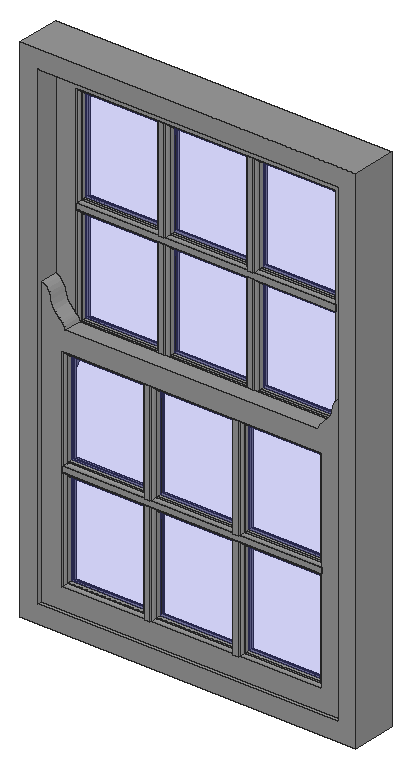
Revit family "HMS1SP", category Windows, host Wall, Revit 2015
Parameters (values of type "HMS1SP")
  Height = 1225 mm
  Default Lintel Height = 2100 mm
  Wall Closure = By host
  Width = 800 mm
Reference planes
  plane 1 "Center (Front/Back)": y = 0
  plane 2 "Center (Left/Right)": x = 0
  plane 3 "Left": x = -400
  plane 4 "Right": x = 400
  plane 5 "Sill": z = 875
  plane 6 "Head": z = 2100
  plane 7 "Exterior": y = 100
  plane 8 "Interior": y = -100
  plane 9: y = -28.5
  plane 10: y = 23.5
  plane 11: z = 1487.5
  plane 12: z = 1516
  plane 13: z = 1459
  plane 14: z = 1216.5
Forms (mm)
  Sweep 1, solid, material "Lauan, Meranti"
    path origin (-10500, 23.5, 2100) x (0, 0, -1) y (-1, 0, 0)
      loop
        line (0, -10900) -> (1225, -10900) -> (1225, -10100) -> (0, -10100) -> (0, -10900)
    profile origin (0, 23.5, 2100) x (0, 0, 1) y (0, 1, 0)
      loop
        line (0, 29) -> (-42, 29) -> (-42, -76) -> (0, -76) -> (0, 29)
  Extrusion 2, solid, material "Lauan, Meranti"
    sketch origin (-10500, 0, 1950) x (0, 0, -1) y (-1, 0, 0)
      loop
        line (491, -10801) -> (491, -10858) -> (576, -10858)
        spline (576, -10858) -> (568.022, -10845.331) -> (558.494, -10838.581) -> (548.752, -10835.386) -> (540.116, -10833.399) -> (533.202, -10831.197) -> (527.644, -10828.636) -> (523.005, -10825.669) -> (518.783, -10822.149) -> (514.297, -10817.644) -> (508.83, -10811.691) -> (501.472, -10805.147) -> (491, -10801)
      loop
        spline (491, -10199) -> (501.472, -10194.853) -> (508.83, -10188.309) -> (514.297, -10182.356) -> (518.783, -10177.851) -> (523.005, -10174.331) -> (527.644, -10171.364) -> (533.202, -10168.803) -> (540.116, -10166.601) -> (548.752, -10164.614) -> (558.494, -10161.419) -> (568.022, -10154.669) -> (576, -10142)
        line (576, -10142) -> (491, -10142) -> (491, -10199)
    from 0 to 42
  Extrusion 3, solid, material "Lauan, Meranti"
    sketch origin (-10500, -42, 1025) x (0, 0, 1) y (1, 0, 0)
      loop
        spline (491, 10801) -> (501.472, 10805.147) -> (508.83, 10811.691) -> (514.297, 10817.644) -> (518.783, 10822.149) -> (523.005, 10825.669) -> (527.644, 10828.636) -> (533.202, 10831.197) -> (540.116, 10833.399) -> (548.752, 10835.386) -> (558.494, 10838.581) -> (568.022, 10845.331) -> (576, 10858)
        line (576, 10858) -> (491, 10858) -> (491, 10801)
      loop
        line (491, 10199) -> (491, 10142) -> (576, 10142)
        spline (576, 10142) -> (568.022, 10154.669) -> (558.494, 10161.419) -> (548.752, 10164.614) -> (540.116, 10166.601) -> (533.202, 10168.803) -> (527.644, 10171.364) -> (523.005, 10174.331) -> (518.783, 10177.851) -> (514.297, 10182.356) -> (508.83, 10188.309) -> (501.472, 10194.853) -> (491, 10199)
    from 0 to 42
  Sweep 4, solid, material "Lauan, Meranti"
    path origin (-10626.419, 23.5, 1856.261) x (0, 0, -1) y (-1, 0, 0)
      loop
        line (340.261, -10984.419) -> (939.261, -10984.419) -> (939.261, -10268.419) -> (340.261, -10268.419) -> (340.261, -10984.419)
    profile origin (0, 23.5, 1516) x (0, 0, 1) y (0, 1, 0)
      loop
        line (0, -65.5) -> (0, -23.5) -> (-48, -23.5) -> (-48, -48.5) -> (-57, -48.5) -> (-57, -56.499) -> (-53.996, -56.499)
        arc (-53.996, -56.499) -> (-52.238, -60.744) -> (-47.994, -62.502) r 6.002
        line (-47.994, -62.502) -> (-47.994, -65.5) -> (0, -65.5)
  Sweep 5, solid, material "Lauan, Meranti"
    path origin (-10600.713, 23.5, 2110.37) x (0, 0, -1) y (-1, 0, 0)
      loop
        line (52.37, -10958.713) -> (651.37, -10958.713) -> (651.37, -10242.713) -> (52.37, -10242.713) -> (52.37, -10958.713)
    profile origin (0, 23.5, 2058) x (0, 0, 1) y (0, 1, 0)
      loop
        line (-48, 18.5) -> (-48, -6.5) -> (-57, -6.5) -> (-57, -14.499) -> (-53.996, -14.499)
        arc (-53.996, -14.499) -> (-52.238, -18.744) -> (-47.994, -20.502) r 6.002
        line (-47.994, -20.502) -> (-47.994, -23.5) -> (0, -23.5) -> (0, 18.5) -> (-48, 18.5)
  Extrusion 6, solid, material "Lauan, Meranti"
    sketch origin (0, 18.5, 196.713) x (1, 0, 0) y (0, 1, 0)
      loop
        line (99, 23.5) -> (99, -1.5) -> (90, -1.5) -> (90, -9.5) -> (93, -9.5)
        arc (93, -9.5) -> (94.757, -13.743) -> (99, -15.5) r 6
        line (99, -15.5) -> (99, -18.5) -> (112, -18.5) -> (112, -15.5)
        arc (112, -15.5) -> (116.243, -13.743) -> (118, -9.5) r 6
        line (118, -9.5) -> (121, -9.5) -> (121, -1.5) -> (112, -1.5) -> (112, 23.5) -> (99, 23.5)
      loop
        line (-112, 23.5) -> (-112, -1.5) -> (-121, -1.5) -> (-121, -9.5) -> (-118, -9.5)
        arc (-118, -9.5) -> (-116.243, -13.743) -> (-112, -15.5) r 6
        line (-112, -15.5) -> (-112, -18.5) -> (-99, -18.5) -> (-99, -15.5)
        arc (-99, -15.5) -> (-94.757, -13.743) -> (-93, -9.5) r 6
        line (-93, -9.5) -> (-90, -9.5) -> (-90, -1.5) -> (-99, -1.5) -> (-99, 23.5) -> (-112, 23.5)
    from 1568.287 to 1813.287
  Extrusion 7, solid, material "Lauan, Meranti"
    sketch origin (0, 18.5, -22.075) x (1, 0, 0) y (0, 1, 0)
      loop
        line (99, 23.5) -> (99, -1.5) -> (90, -1.5) -> (90, -9.5) -> (93, -9.5)
        arc (93, -9.5) -> (94.757, -13.743) -> (99, -15.5) r 6
        line (99, -15.5) -> (99, -18.5) -> (112, -18.5) -> (112, -15.5)
        arc (112, -15.5) -> (116.243, -13.743) -> (118, -9.5) r 6
        line (118, -9.5) -> (121, -9.5) -> (121, -1.5) -> (112, -1.5) -> (112, 23.5) -> (99, 23.5)
      loop
        line (-112, 23.5) -> (-112, -1.5) -> (-121, -1.5) -> (-121, -9.5) -> (-118, -9.5)
        arc (-118, -9.5) -> (-116.243, -13.743) -> (-112, -15.5) r 6
        line (-112, -15.5) -> (-112, -18.5) -> (-99, -18.5) -> (-99, -15.5)
        arc (-99, -15.5) -> (-94.757, -13.743) -> (-93, -9.5) r 6
        line (-93, -9.5) -> (-90, -9.5) -> (-90, -1.5) -> (-99, -1.5) -> (-99, 23.5) -> (-112, 23.5)
    from 1529.075 to 1774.075
  Extrusion 8, solid, material "Glass"
    sketch origin (-10500, 17, 2100) x (0, 0, -1) y (-1, 0, 0)
      loop
        line (90, -10810) -> (335, -10810) -> (335, -10612) -> (90, -10612) -> (90, -10810)
      loop
        line (90, -10599) -> (335, -10599) -> (335, -10401) -> (90, -10401) -> (90, -10599)
      loop
        line (90, -10388) -> (335, -10388) -> (335, -10190) -> (90, -10190) -> (90, -10388)
      loop
        line (348, -10810) -> (593, -10810) -> (593, -10612) -> (348, -10612) -> (348, -10810)
      loop
        line (348, -10599) -> (593, -10599) -> (593, -10401) -> (348, -10401) -> (348, -10599)
      loop
        line (348, -10388) -> (593, -10388) -> (593, -10190) -> (348, -10190) -> (348, -10388)
    from 0 to 6.4
  Sweep 9, solid, material "Lauan, Meranti"
    path origin (26.75, 100, -142.651) x (1, 0, 0) y (0, 0, 1)
      loop
        line (283.25, 2152.651) -> (85.25, 2152.651) -> (85.25, 1907.651) -> (283.25, 1907.651) -> (283.25, 2152.651)
    profile origin (211, 100, 2010) x (0, 0, -1) y (0, -1, 0)
      loop
        arc (0, 68.6) -> (4.67, 70.234) -> (7, 74.6) r 6.807
        line (7, 74.6) -> (9, 74.6) -> (9, 76.6) -> (0, 76.6) -> (0, 68.6)
  Sweep 10, solid, material "Lauan, Meranti"
    path origin (-184.25, 100, -142.651) x (1, 0, 0) y (0, 0, 1)
      loop
        line (283.25, 2152.651) -> (85.25, 2152.651) -> (85.25, 1907.651) -> (283.25, 1907.651) -> (283.25, 2152.651)
    profile origin (0, 100, 2010) x (0, 0, -1) y (0, -1, 0)
      loop
        arc (0, 68.6) -> (4.67, 70.234) -> (7, 74.6) r 6.807
        line (7, 74.6) -> (9, 74.6) -> (9, 76.6) -> (0, 76.6) -> (0, 68.6)
  Sweep 11, solid, material "Lauan, Meranti"
    path origin (-395.25, 100, -142.651) x (1, 0, 0) y (0, 0, 1)
      loop
        line (283.25, 2152.651) -> (85.25, 2152.651) -> (85.25, 1907.651) -> (283.25, 1907.651) -> (283.25, 2152.651)
    profile origin (-211, 100, 2010) x (0, 0, -1) y (0, -1, 0)
      loop
        arc (0, 68.6) -> (4.67, 70.234) -> (7, 74.6) r 6.807
        line (7, 74.6) -> (9, 74.6) -> (9, 76.6) -> (0, 76.6) -> (0, 68.6)
  Extrusion 12, solid, material "Lauan, Meranti"
    sketch origin (1495.5, 18.5, 1758.5) x (0, 0, 1) y (0, 1, 0)
      loop
        line (-6.5, 23.5) -> (-6.5, -1.5) -> (-15.5, -1.5) -> (-15.5, -9.5) -> (-12.5, -9.5)
        arc (-12.5, -9.5) -> (-10.743, -13.743) -> (-6.5, -15.5) r 6
        line (-6.5, -15.5) -> (-6.5, -18.5) -> (6.5, -18.5) -> (6.5, -15.5)
        arc (6.5, -15.5) -> (10.743, -13.743) -> (12.5, -9.5) r 6
        line (12.5, -9.5) -> (15.5, -9.5) -> (15.5, -1.5) -> (6.5, -1.5) -> (6.5, 23.5) -> (-6.5, 23.5)
    from 1185.5 to 1805.5
  Sweep 13, solid, material "Lauan, Meranti"
    path origin (26.75, 100, -400.651) x (1, 0, 0) y (0, 0, 1)
      loop
        line (283.25, 2152.651) -> (85.25, 2152.651) -> (85.25, 1907.651) -> (283.25, 1907.651) -> (283.25, 2152.651)
    profile origin (211, 100, 1752) x (0, 0, -1) y (0, -1, 0)
      loop
        arc (0, 68.6) -> (4.67, 70.234) -> (7, 74.6) r 6.807
        line (7, 74.6) -> (9, 74.6) -> (9, 76.6) -> (0, 76.6) -> (0, 68.6)
  Sweep 14, solid, material "Lauan, Meranti"
    path origin (-184.25, 100, -400.651) x (1, 0, 0) y (0, 0, 1)
      loop
        line (283.25, 2152.651) -> (85.25, 2152.651) -> (85.25, 1907.651) -> (283.25, 1907.651) -> (283.25, 2152.651)
    profile origin (0, 100, 1752) x (0, 0, -1) y (0, -1, 0)
      loop
        arc (0, 68.6) -> (4.67, 70.234) -> (7, 74.6) r 6.807
        line (7, 74.6) -> (9, 74.6) -> (9, 76.6) -> (0, 76.6) -> (0, 68.6)
  Sweep 15, solid, material "Lauan, Meranti"
    path origin (-395.25, 100, -400.651) x (1, 0, 0) y (0, 0, 1)
      loop
        line (283.25, 2152.651) -> (85.25, 2152.651) -> (85.25, 1907.651) -> (283.25, 1907.651) -> (283.25, 2152.651)
    profile origin (-211, 100, 1752) x (0, 0, -1) y (0, -1, 0)
      loop
        arc (0, 68.6) -> (4.67, 70.234) -> (7, 74.6) r 6.807
        line (7, 74.6) -> (9, 74.6) -> (9, 76.6) -> (0, 76.6) -> (0, 68.6)
  Extrusion 16, solid, material "Lauan, Meranti"
    sketch origin (0, -23.5, -345.287) x (1, 0, 0) y (0, 1, 0)
      loop
        line (99, 23.5) -> (99, -1.5) -> (90, -1.5) -> (90, -9.5) -> (93, -9.5)
        arc (93, -9.5) -> (94.757, -13.743) -> (99, -15.5) r 6
        line (99, -15.5) -> (99, -18.5) -> (112, -18.5) -> (112, -15.5)
        arc (112, -15.5) -> (116.243, -13.743) -> (118, -9.5) r 6
        line (118, -9.5) -> (121, -9.5) -> (121, -1.5) -> (112, -1.5) -> (112, 23.5) -> (99, 23.5)
      loop
        line (-112, 23.5) -> (-112, -1.5) -> (-121, -1.5) -> (-121, -9.5) -> (-118, -9.5)
        arc (-118, -9.5) -> (-116.243, -13.743) -> (-112, -15.5) r 6
        line (-112, -15.5) -> (-112, -18.5) -> (-99, -18.5) -> (-99, -15.5)
        arc (-99, -15.5) -> (-94.757, -13.743) -> (-93, -9.5) r 6
        line (-93, -9.5) -> (-90, -9.5) -> (-90, -1.5) -> (-99, -1.5) -> (-99, 23.5) -> (-112, 23.5)
    from 1568.287 to 1813.287
  Extrusion 17, solid, material "Lauan, Meranti"
    sketch origin (0, -23.5, -564.075) x (1, 0, 0) y (0, 1, 0)
      loop
        line (99, 23.5) -> (99, -1.5) -> (90, -1.5) -> (90, -9.5) -> (93, -9.5)
        arc (93, -9.5) -> (94.757, -13.743) -> (99, -15.5) r 6
        line (99, -15.5) -> (99, -18.5) -> (112, -18.5) -> (112, -15.5)
        arc (112, -15.5) -> (116.243, -13.743) -> (118, -9.5) r 6
        line (118, -9.5) -> (121, -9.5) -> (121, -1.5) -> (112, -1.5) -> (112, 23.5) -> (99, 23.5)
      loop
        line (-112, 23.5) -> (-112, -1.5) -> (-121, -1.5) -> (-121, -9.5) -> (-118, -9.5)
        arc (-118, -9.5) -> (-116.243, -13.743) -> (-112, -15.5) r 6
        line (-112, -15.5) -> (-112, -18.5) -> (-99, -18.5) -> (-99, -15.5)
        arc (-99, -15.5) -> (-94.757, -13.743) -> (-93, -9.5) r 6
        line (-93, -9.5) -> (-90, -9.5) -> (-90, -1.5) -> (-99, -1.5) -> (-99, 23.5) -> (-112, 23.5)
    from 1529.075 to 1774.075
  Extrusion 18, solid, material "Glass"
    sketch origin (-10500, -25, 1558) x (0, 0, -1) y (-1, 0, 0)
      loop
        line (90, -10810) -> (335, -10810) -> (335, -10612) -> (90, -10612) -> (90, -10810)
      loop
        line (90, -10599) -> (335, -10599) -> (335, -10401) -> (90, -10401) -> (90, -10599)
      loop
        line (90, -10388) -> (335, -10388) -> (335, -10190) -> (90, -10190) -> (90, -10388)
      loop
        line (348, -10810) -> (593, -10810) -> (593, -10612) -> (348, -10612) -> (348, -10810)
      loop
        line (348, -10599) -> (593, -10599) -> (593, -10401) -> (348, -10401) -> (348, -10599)
      loop
        line (348, -10388) -> (593, -10388) -> (593, -10190) -> (348, -10190) -> (348, -10388)
    from 0 to 6.4
  Sweep 19, solid, material "Lauan, Meranti"
    path origin (26.75, 58, -684.651) x (1, 0, 0) y (0, 0, 1)
      loop
        line (283.25, 2152.651) -> (85.25, 2152.651) -> (85.25, 1907.651) -> (283.25, 1907.651) -> (283.25, 2152.651)
    profile origin (211, 58, 1468) x (0, 0, -1) y (0, -1, 0)
      loop
        arc (0, 68.6) -> (4.67, 70.234) -> (7, 74.6) r 6.807
        line (7, 74.6) -> (9, 74.6) -> (9, 76.6) -> (0, 76.6) -> (0, 68.6)
  Sweep 20, solid, material "Lauan, Meranti"
    path origin (-184.25, 58, -684.651) x (1, 0, 0) y (0, 0, 1)
      loop
        line (283.25, 2152.651) -> (85.25, 2152.651) -> (85.25, 1907.651) -> (283.25, 1907.651) -> (283.25, 2152.651)
    profile origin (0, 58, 1468) x (0, 0, -1) y (0, -1, 0)
      loop
        arc (0, 68.6) -> (4.67, 70.234) -> (7, 74.6) r 6.807
        line (7, 74.6) -> (9, 74.6) -> (9, 76.6) -> (0, 76.6) -> (0, 68.6)
  Sweep 21, solid, material "Lauan, Meranti"
    path origin (-395.25, 58, -684.651) x (1, 0, 0) y (0, 0, 1)
      loop
        line (283.25, 2152.651) -> (85.25, 2152.651) -> (85.25, 1907.651) -> (283.25, 1907.651) -> (283.25, 2152.651)
    profile origin (-211, 58, 1468) x (0, 0, -1) y (0, -1, 0)
      loop
        arc (0, 68.6) -> (4.67, 70.234) -> (7, 74.6) r 6.807
        line (7, 74.6) -> (9, 74.6) -> (9, 76.6) -> (0, 76.6) -> (0, 68.6)
  Extrusion 22, solid, material "Lauan, Meranti"
    sketch origin (1495.5, -23.5, 1216.5) x (0, 0, 1) y (0, 1, 0)
      loop
        line (-6.5, 23.5) -> (-6.5, -1.5) -> (-15.5, -1.5) -> (-15.5, -9.5) -> (-12.5, -9.5)
        arc (-12.5, -9.5) -> (-10.743, -13.743) -> (-6.5, -15.5) r 6
        line (-6.5, -15.5) -> (-6.5, -18.5) -> (6.5, -18.5) -> (6.5, -15.5)
        arc (6.5, -15.5) -> (10.743, -13.743) -> (12.5, -9.5) r 6
        line (12.5, -9.5) -> (15.5, -9.5) -> (15.5, -1.5) -> (6.5, -1.5) -> (6.5, 23.5) -> (-6.5, 23.5)
    from 1185.5 to 1805.5
  Sweep 23, solid, material "Lauan, Meranti"
    path origin (26.75, 58, -942.651) x (1, 0, 0) y (0, 0, 1)
      loop
        line (283.25, 2152.651) -> (85.25, 2152.651) -> (85.25, 1907.651) -> (283.25, 1907.651) -> (283.25, 2152.651)
    profile origin (211, 58, 1210) x (0, 0, -1) y (0, -1, 0)
      loop
        arc (0, 68.6) -> (4.67, 70.234) -> (7, 74.6) r 6.807
        line (7, 74.6) -> (9, 74.6) -> (9, 76.6) -> (0, 76.6) -> (0, 68.6)
  Sweep 24, solid, material "Lauan, Meranti"
    path origin (-184.25, 58, -942.651) x (1, 0, 0) y (0, 0, 1)
      loop
        line (283.25, 2152.651) -> (85.25, 2152.651) -> (85.25, 1907.651) -> (283.25, 1907.651) -> (283.25, 2152.651)
    profile origin (0, 58, 1210) x (0, 0, -1) y (0, -1, 0)
      loop
        arc (0, 68.6) -> (4.67, 70.234) -> (7, 74.6) r 6.807
        line (7, 74.6) -> (9, 74.6) -> (9, 76.6) -> (0, 76.6) -> (0, 68.6)
  Sweep 25, solid, material "Lauan, Meranti"
    path origin (-395.25, 58, -942.651) x (1, 0, 0) y (0, 0, 1)
      loop
        line (283.25, 2152.651) -> (85.25, 2152.651) -> (85.25, 1907.651) -> (283.25, 1907.651) -> (283.25, 2152.651)
    profile origin (-211, 58, 1210) x (0, 0, -1) y (0, -1, 0)
      loop
        arc (0, 68.6) -> (4.67, 70.234) -> (7, 74.6) r 6.807
        line (7, 74.6) -> (9, 74.6) -> (9, 76.6) -> (0, 76.6) -> (0, 68.6)
Cuts and joins
  joined: Extrusion 3, Sweep 4
  joined: Extrusion 2, Sweep 5
Lines and regions (mm)
  Opening 1
    outline origin (3500, -100, 0) x (1, 0, 0) y (0, 0, 1)
      loop
        line (-3100, 875) -> (-3100, 2100) -> (-3900, 2100) -> (-3900, 875) -> (-3100, 875)
  model lines
    curve 1: line (358, 42, 2058) -> (0, 42, 1459)
    curve 2: line (-358, 42, 2058) -> (0, 42, 1459)
Text (mm)
  text "EXTERIOR" at (-1963.203, 1332.353, 0), in view "Ref. Level"
  text "INTERIOR" at (-1981.466, -818.386, 0), in view "Ref. Level"
  text "Exterior" at (0, 923.751, 2943.296), in view "Right"
  text "Exterior" at (0, 1040.484, 2685.409), in view "Left"
Dimensions and locks
  equal spacing: plane 3 "Left", plane 2 "Center (Left/Right)", plane 4 "Right"
  "Width": plane 3 "Left" to plane 4 "Right"
  "Height": plane 5 "Sill" to plane 6 "Head"
  "Default Lintel Height": plane 6 "Head" to level
  locked: plane 7 "Exterior" to host wall at 0
  locked: plane 8 "Interior" to host wall
  locked: plane 10 to plane 9 at 52
  plane 3 "Left" to plane 4 "Right" = 800 mm
  aligned and locked: Sweep 1 sketch curve to host wall  (x4)
  aligned and locked: Sweep 4 sketch curve to Sweep 1  (x2)
  aligned and locked: Sweep 1 to Sweep 4 sketch curve
  aligned and locked: Sweep 4 sketch curve to plane 12
  aligned and locked: plane 13 to Sweep 5 sketch curve
  aligned and locked: Sweep 1 to Sweep 5 sketch curve
  aligned and locked: Sweep 5 sketch curve to Sweep 1  (x2)
  aligned and locked: Sweep 9 sketch curve to Extrusion 6
  aligned and locked: Sweep 10 sketch curve to Extrusion 6  (x2)
  aligned and locked: Sweep 11 sketch curve to Extrusion 6
  aligned and locked: Extrusion 8 sketch curve to cut or joined group of Extrusion 2, Sweep 5  (x2)
  aligned and locked: cut or joined group of Extrusion 2, Sweep 5 to Extrusion 8 sketch curve  (x2)
  aligned and locked: Extrusion 8 sketch curve to Extrusion 6  (x6)
  aligned and locked: Extrusion 8 sketch curve to Sweep 11
  aligned and locked: Extrusion 8 sketch curve to Extrusion 8 sketch curve
  aligned and locked: Extrusion 8 sketch curve to Extrusion 12  (x3)
  aligned and locked: Extrusion 8 sketch curve to Extrusion 7  (x8)
  aligned and locked: Sweep 9 sketch curve to Extrusion 8
  aligned and locked: Sweep 10 sketch curve to Extrusion 8
  aligned and locked: Sweep 13 sketch curve to Extrusion 8
  aligned and locked: Sweep 13 sketch curve to Extrusion 7
  aligned and locked: Sweep 14 sketch curve to Extrusion 8
  aligned and locked: Sweep 14 sketch curve to Extrusion 7  (x2)
  aligned and locked: Sweep 15 sketch curve to Extrusion 8
  aligned and locked: Sweep 15 sketch curve to Extrusion 7
  aligned and locked: Sweep 19 sketch curve to Extrusion 16
  aligned and locked: Sweep 20 sketch curve to Extrusion 16  (x2)
  aligned and locked: Sweep 21 sketch curve to Extrusion 16
  aligned and locked: Extrusion 18 sketch curve to Extrusion 16  (x6)
  aligned and locked: Extrusion 18 sketch curve to Sweep 21
  aligned and locked: Extrusion 18 sketch curve to Extrusion 18 sketch curve
  aligned and locked: Extrusion 18 sketch curve to Extrusion 22  (x3)
  aligned and locked: Extrusion 18 sketch curve to Extrusion 17  (x8)
  aligned and locked: Sweep 19 sketch curve to Extrusion 18
  aligned and locked: Sweep 20 sketch curve to Extrusion 18
  aligned and locked: Sweep 23 sketch curve to Extrusion 18
  aligned and locked: Sweep 23 sketch curve to Extrusion 17
  aligned and locked: Sweep 24 sketch curve to Extrusion 18
  aligned and locked: Sweep 24 sketch curve to Extrusion 17  (x2)
  aligned and locked: Sweep 25 sketch curve to Extrusion 18
  aligned and locked: Sweep 25 sketch curve to Extrusion 17
Automatic sketch dimensions
  plane 3 "Left" to Opening 1 sketch curve = 0 mm
  plane 4 "Right" to Opening 1 sketch curve = 0 mm
  Opening 1 sketch curve to plane 5 "Sill" = 0 mm
  Opening 1 sketch curve to plane 6 "Head" = 0 mm
  profile plane to Sweep 1 sketch curve = 0 mm
  profile plane to Sweep 1 sketch curve = 42 mm
  Sweep 1 sketch curve to plane 10 = 76 mm
  plane 10 to Sweep 1 sketch curve = 29 mm
  plane 2 "Center (Left/Right)" to curve 1 = 0 mm
  curve 2 to plane 13 = 0 mm
  curve 2 to plane 3 "Left" = 42 mm
  plane 4 "Right" to curve 1 = 42 mm
  plane 6 "Head" to curve 2 = 42 mm
  plane 6 "Head" to curve 1 = 42 mm
  Extrusion 2 sketch curve to plane 13 = 0 mm  (x2)
  Extrusion 2 sketch curve to plane 3 "Left" = 42 mm
  Extrusion 2 sketch curve to plane 13 = 85 mm  (x2)
  plane 4 "Right" to Extrusion 2 sketch curve = 42 mm
  Extrusion 2 sketch curve to Extrusion 2 sketch curve = 57 mm  (x2)
  Extrusion 3 sketch curve to plane 12 = 0 mm  (x2)
  Extrusion 3 sketch curve to plane 3 "Left" = 42 mm
  Extrusion 3 sketch curve to Extrusion 3 sketch curve = 85 mm  (x2)
  plane 4 "Right" to Extrusion 3 sketch curve = 42 mm
  Extrusion 3 sketch curve to Extrusion 3 sketch curve = 57 mm  (x2)
  profile plane to Sweep 4 sketch curve = 0 mm
  profile plane to Sweep 4 sketch curve = 47.994 mm
  Sweep 4 sketch curve to Sweep 4 sketch curve = 0.006 mm
  Sweep 4 sketch curve to Sweep 4 sketch curve = 6.002 mm
  Sweep 4 sketch curve to Sweep 4 sketch curve = 3.004 mm
  Sweep 4 sketch curve to profile plane = 65.5 mm
  Sweep 4 sketch curve to Sweep 4 sketch curve = 2.998 mm
  Sweep 4 sketch curve to Sweep 4 sketch curve = 7.999 mm
  Sweep 4 sketch curve to profile plane = 23.5 mm
  profile plane to Sweep 5 sketch curve = 0 mm
  Sweep 5 sketch curve to profile plane = 23.5 mm
  profile plane to Sweep 5 sketch curve = 47.994 mm
  Sweep 5 sketch curve to Sweep 5 sketch curve = 0.006 mm
  Sweep 5 sketch curve to Sweep 5 sketch curve = 6.002 mm
  Sweep 5 sketch curve to Sweep 5 sketch curve = 3.004 mm
  Sweep 5 sketch curve to Sweep 5 sketch curve = 2.998 mm
  Sweep 5 sketch curve to profile plane = 6.5 mm
  profile plane to Sweep 5 sketch curve = 18.5 mm
  host wall to Extrusion 6 sketch curve = 0 mm  (x2)
  Extrusion 6 sketch curve to plane 10 = 6.5 mm  (x4)
  plane 2 "Center (Left/Right)" to Extrusion 6 sketch curve = 121 mm
  Extrusion 6 sketch curve to Extrusion 6 sketch curve = 3 mm  (x4)
  Extrusion 6 sketch curve to Extrusion 6 sketch curve = 9 mm  (x2)
  Extrusion 6 sketch curve to host wall = 3 mm  (x3)
  Extrusion 6 sketch curve to Extrusion 6 sketch curve = 6 mm  (x4)
  Extrusion 6 sketch curve to Extrusion 6 sketch curve = 13 mm  (x4)
  Extrusion 6 sketch curve to host wall = 9 mm
  Extrusion 6 sketch curve to plane 2 "Center (Left/Right)" = 90 mm
  plane 10 to Extrusion 6 sketch curve = 18.5 mm  (x2)
  host wall to Extrusion 7 sketch curve = 0 mm  (x2)
  Extrusion 7 sketch curve to plane 10 = 6.5 mm  (x4)
  plane 2 "Center (Left/Right)" to Extrusion 7 sketch curve = 121 mm
  Extrusion 7 sketch curve to Extrusion 7 sketch curve = 3 mm  (x4)
  Extrusion 7 sketch curve to Extrusion 7 sketch curve = 9 mm  (x2)
  Extrusion 7 sketch curve to host wall = 3 mm  (x3)
  Extrusion 7 sketch curve to Extrusion 7 sketch curve = 6 mm  (x4)
  Extrusion 7 sketch curve to Extrusion 7 sketch curve = 13 mm  (x4)
  Extrusion 7 sketch curve to host wall = 9 mm
  Extrusion 7 sketch curve to plane 2 "Center (Left/Right)" = 90 mm
  plane 10 to Extrusion 7 sketch curve = 18.5 mm  (x2)
  Extrusion 8 sketch curve to Extrusion 8 sketch curve = 0 mm
  plane 4 "Right" to Sweep 9 sketch curve = 90 mm
  plane 6 "Head" to Sweep 9 sketch curve = 90 mm
  Sweep 9 sketch curve to profile plane = 0 mm
  Sweep 9 sketch curve to profile plane = 0.241 mm
  Sweep 9 sketch curve to Sweep 9 sketch curve = 6.759 mm
  Sweep 9 sketch curve to Sweep 9 sketch curve = 2 mm  (x2)
  profile plane to Sweep 9 sketch curve = 68.6 mm
  Sweep 9 sketch curve to Sweep 9 sketch curve = 6 mm
  plane 6 "Head" to Sweep 10 sketch curve = 90 mm
  Sweep 10 sketch curve to profile plane = 0 mm
  Sweep 10 sketch curve to profile plane = 0.241 mm
  Sweep 10 sketch curve to Sweep 10 sketch curve = 6.759 mm
  Sweep 10 sketch curve to Sweep 10 sketch curve = 2 mm  (x2)
  profile plane to Sweep 10 sketch curve = 68.6 mm
  Sweep 10 sketch curve to Sweep 10 sketch curve = 6 mm
  Sweep 11 sketch curve to plane 3 "Left" = 90 mm
  plane 6 "Head" to Sweep 11 sketch curve = 90 mm
  Sweep 11 sketch curve to profile plane = 0 mm
  Sweep 11 sketch curve to profile plane = 0.241 mm
  Sweep 11 sketch curve to Sweep 11 sketch curve = 6.759 mm
  Sweep 11 sketch curve to Sweep 11 sketch curve = 2 mm  (x2)
  profile plane to Sweep 11 sketch curve = 68.6 mm
  Sweep 11 sketch curve to Sweep 11 sketch curve = 6 mm
  Extrusion 12 sketch curve to host wall = 0 mm
  Extrusion 12 sketch curve to Extrusion 12 sketch curve = 3 mm  (x3)
  Extrusion 12 sketch curve to host wall = 3 mm
  Extrusion 12 sketch curve to Extrusion 12 sketch curve = 6 mm
  Extrusion 12 sketch curve to plane 10 = 6.5 mm  (x2)
  plane 10 to Extrusion 12 sketch curve = 18.5 mm
  Sweep 13 sketch curve to plane 12 = 9 mm
  plane 4 "Right" to Sweep 13 sketch curve = 90 mm
  Sweep 13 sketch curve to profile plane = 0 mm
  Sweep 13 sketch curve to profile plane = 0.241 mm
  Sweep 13 sketch curve to Sweep 13 sketch curve = 6.759 mm
  Sweep 13 sketch curve to Sweep 13 sketch curve = 2 mm  (x2)
  profile plane to Sweep 13 sketch curve = 68.6 mm
  Sweep 13 sketch curve to Sweep 13 sketch curve = 6 mm
  Sweep 14 sketch curve to plane 12 = 9 mm
  Sweep 14 sketch curve to profile plane = 0 mm
  Sweep 14 sketch curve to profile plane = 0.241 mm
  Sweep 14 sketch curve to Sweep 14 sketch curve = 6.759 mm
  Sweep 14 sketch curve to Sweep 14 sketch curve = 2 mm  (x2)
  profile plane to Sweep 14 sketch curve = 68.6 mm
  Sweep 14 sketch curve to Sweep 14 sketch curve = 6 mm
  Sweep 15 sketch curve to plane 12 = 9 mm
  Sweep 15 sketch curve to plane 3 "Left" = 90 mm
  Sweep 15 sketch curve to profile plane = 0 mm
  Sweep 15 sketch curve to profile plane = 0.241 mm
  Sweep 15 sketch curve to Sweep 15 sketch curve = 6.759 mm
  Sweep 15 sketch curve to Sweep 15 sketch curve = 2 mm  (x2)
  profile plane to Sweep 15 sketch curve = 68.6 mm
  Sweep 15 sketch curve to Sweep 15 sketch curve = 6 mm
  host wall to Extrusion 16 sketch curve = 0 mm  (x2)
  plane 9 to Extrusion 16 sketch curve = 3.5 mm  (x4)
  plane 2 "Center (Left/Right)" to Extrusion 16 sketch curve = 121 mm
  Extrusion 16 sketch curve to Extrusion 16 sketch curve = 3 mm  (x8)
  Extrusion 16 sketch curve to Extrusion 16 sketch curve = 9 mm  (x2)
  Extrusion 16 sketch curve to Extrusion 16 sketch curve = 6 mm  (x4)
  Extrusion 16 sketch curve to Extrusion 16 sketch curve = 13 mm  (x4)
  Extrusion 16 sketch curve to plane 9 = 4.5 mm
  Extrusion 16 sketch curve to plane 2 "Center (Left/Right)" = 90 mm
  Extrusion 16 sketch curve to plane 9 = 10.5 mm
  host wall to Extrusion 17 sketch curve = 0 mm  (x2)
  plane 9 to Extrusion 17 sketch curve = 3.5 mm  (x4)
  plane 2 "Center (Left/Right)" to Extrusion 17 sketch curve = 121 mm
  Extrusion 17 sketch curve to Extrusion 17 sketch curve = 3 mm  (x8)
  Extrusion 17 sketch curve to Extrusion 17 sketch curve = 9 mm  (x2)
  Extrusion 17 sketch curve to Extrusion 17 sketch curve = 6 mm  (x4)
  Extrusion 17 sketch curve to Extrusion 17 sketch curve = 13 mm  (x4)
  Extrusion 17 sketch curve to plane 9 = 4.5 mm
  Extrusion 17 sketch curve to plane 2 "Center (Left/Right)" = 90 mm
  Extrusion 17 sketch curve to plane 9 = 10.5 mm
  plane 13 to Extrusion 18 sketch curve = 9 mm  (x2)
  Extrusion 18 sketch curve to Extrusion 18 sketch curve = 0 mm  (x2)
  plane 4 "Right" to Extrusion 18 sketch curve = 90 mm
  plane 4 "Right" to Sweep 19 sketch curve = 90 mm
  plane 13 to Sweep 19 sketch curve = 9 mm
  Sweep 19 sketch curve to profile plane = 0 mm
  Sweep 19 sketch curve to profile plane = 0.241 mm
  Sweep 19 sketch curve to Sweep 19 sketch curve = 6.759 mm
  Sweep 19 sketch curve to Sweep 19 sketch curve = 2 mm  (x2)
  profile plane to Sweep 19 sketch curve = 68.6 mm
  Sweep 19 sketch curve to Sweep 19 sketch curve = 6 mm
  plane 13 to Sweep 20 sketch curve = 9 mm
  Sweep 20 sketch curve to profile plane = 0 mm
  Sweep 20 sketch curve to profile plane = 0.241 mm
  Sweep 20 sketch curve to Sweep 20 sketch curve = 6.759 mm
  Sweep 20 sketch curve to Sweep 20 sketch curve = 2 mm  (x2)
  profile plane to Sweep 20 sketch curve = 68.6 mm
  Sweep 20 sketch curve to Sweep 20 sketch curve = 6 mm
  plane 14 to Sweep 21 sketch curve = 6.5 mm
  Sweep 21 sketch curve to plane 3 "Left" = 90 mm
  plane 13 to Sweep 21 sketch curve = 9 mm
  Sweep 21 sketch curve to profile plane = 0 mm
  Sweep 21 sketch curve to profile plane = 0.241 mm
  Sweep 21 sketch curve to Sweep 21 sketch curve = 6.759 mm
  Sweep 21 sketch curve to Sweep 21 sketch curve = 2 mm  (x2)
  profile plane to Sweep 21 sketch curve = 68.6 mm
  Sweep 21 sketch curve to Sweep 21 sketch curve = 6 mm
  Extrusion 22 sketch curve to host wall = 0 mm
  Extrusion 22 sketch curve to plane 9 = 4.5 mm
  Extrusion 22 sketch curve to plane 14 = 15.5 mm
  Extrusion 22 sketch curve to Extrusion 22 sketch curve = 3 mm  (x3)
  Extrusion 22 sketch curve to plane 14 = 6.5 mm  (x2)
  plane 14 to Extrusion 22 sketch curve = 6.5 mm  (x2)
  Extrusion 22 sketch curve to Extrusion 22 sketch curve = 6 mm
  plane 9 to Extrusion 22 sketch curve = 3.5 mm  (x2)
  Extrusion 22 sketch curve to plane 9 = 10.5 mm
  plane 4 "Right" to Sweep 23 sketch curve = 90 mm
  Sweep 23 sketch curve to plane 5 "Sill" = 90 mm
  Sweep 23 sketch curve to profile plane = 0 mm
  Sweep 23 sketch curve to profile plane = 0.241 mm
  Sweep 23 sketch curve to Sweep 23 sketch curve = 6.759 mm
  Sweep 23 sketch curve to Sweep 23 sketch curve = 2 mm  (x2)
  profile plane to Sweep 23 sketch curve = 68.6 mm
  Sweep 23 sketch curve to Sweep 23 sketch curve = 6 mm
  Sweep 24 sketch curve to plane 5 "Sill" = 90 mm
  Sweep 24 sketch curve to profile plane = 0 mm
  Sweep 24 sketch curve to profile plane = 0.241 mm
  Sweep 24 sketch curve to Sweep 24 sketch curve = 6.759 mm
  Sweep 24 sketch curve to Sweep 24 sketch curve = 2 mm  (x2)
  profile plane to Sweep 24 sketch curve = 68.6 mm
  Sweep 24 sketch curve to Sweep 24 sketch curve = 6 mm
  Sweep 25 sketch curve to plane 3 "Left" = 90 mm
  Sweep 25 sketch curve to plane 5 "Sill" = 90 mm
  Sweep 25 sketch curve to profile plane = 0 mm
  Sweep 25 sketch curve to profile plane = 0.241 mm
  Sweep 25 sketch curve to Sweep 25 sketch curve = 6.759 mm
  Sweep 25 sketch curve to Sweep 25 sketch curve = 2 mm  (x2)
  profile plane to Sweep 25 sketch curve = 68.6 mm
  Sweep 25 sketch curve to Sweep 25 sketch curve = 6 mm
  Sweep 11 sketch curve to Sweep 11 sketch curve = 245 mm
  Extrusion 12 sketch curve to host wall = 9 mm
  plane 12 to Extrusion 12 sketch curve = 227 mm
  Extrusion 12 sketch curve to Extrusion 12 sketch curve = 0 mm
  Extrusion 12 sketch curve to Extrusion 12 sketch curve = 13 mm  (x2)
